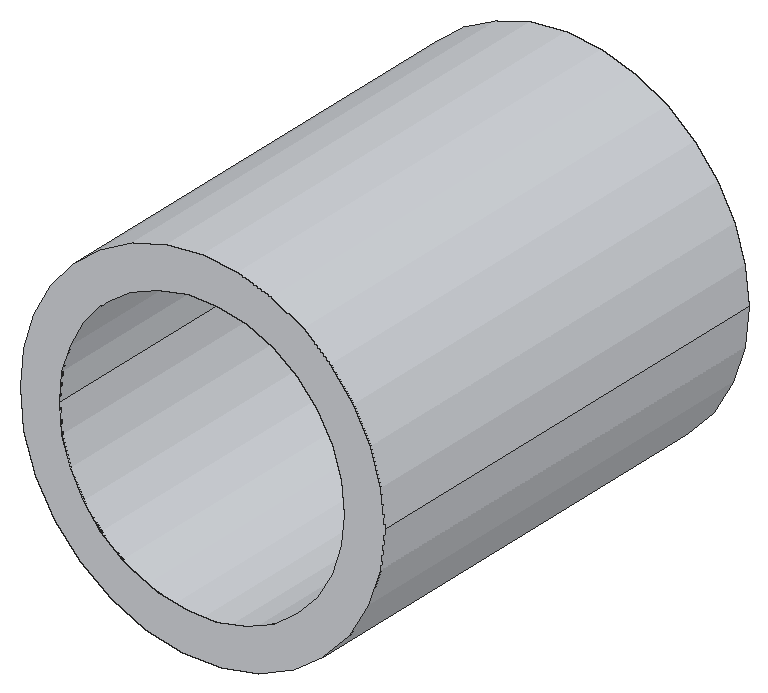
Revit family "NS1", category Generic Models, Revit 2017
Family settings
  Can host rebar = No
  Round Connector Dimension = Use Diameter
  Part Type = Normal
  Work Plane-Based = Yes
  Always vertical = No
  Cut with Voids When Loaded = No
  Shared = No
  Room Calculation Point = No
Parameters (values of type "NBS Standard Parameters")
  Weight = "0.016Kg"
  WarrantyStartDate [instance] = "1900-12-31T23:59:59"
  WarrantyGuarantorParts = "n/a"
  WarrantyGuarantorLabor = "n/a"
  WarrantyDurationUnit = "1 year"
  WarrantyDurationParts = "n/a"
  WarrantyDurationLabor = "n/a"
  WarrantyDescription = "n/a"
  Version = "1"
  Uniclass2 = "Pr_65_70_11_20"
  TagNumber [instance] = "n/a"
  SustainabilityPerformance = "n/a"
  Size = "20mm"
  Shape = "Circular"
  SerialNumber [instance] = "n/a"
  Revision = "n/a"
  ReplacementCost = "n/a"
  ProductInformation = "www.metpro.co.uk/pdf/ns1.pdf"
  NominalWidth = 20 mm
  NominalLength = 20 mm
  NominalHeight = 25 mm
  Name = ""
  NBSTypeID = ""
  NBSReference = "90-55-10/460"
  NBSOfficeMasterTag = ""
  NBSNote = ""
  NBSDescription = "Conduit Fittings"
  NBSCertification = ""
  ModelReference = "NS1"
  ModelNumber = "n/a"
  Material = "Steel"
  ManufacturerURL = "www.metpro.co.uk"
  ManufacturerName = "Metpro Ltd"
  Keynote = "Compliant to LU Standard 1-085"
  InstallationDate [instance] = "1900-12-31T23:59:59"
  IfcExportType = ""
  IfcExportAs = ""
  Grade = "n/a"
  Finish = "BZP"
  Features = "n/a"
  ExpectedLife = "n/a"
  DurationUnit = "year"
  Description = "NS1 -20mm Conduit screwed Nipple"
  Default Elevation = 1219.2 mm
  Constituents = "n/a"
  Color = "n/a"
  CodePerformance = "n/a"
  Category = "n/a"
  BarCode [instance] = "n/a"
  BIMObjectName = "Metpro_metprolibrary_conduitfittings_metalcomponent_steelaccessories"
  Author = "Metpro Ltd"
  AssetType = ""
  AssetIdentifier [instance] = "n/a"
  AccessibilityPerformance = "n/a"
Reference planes
  plane 1 "Center (Front/Back)": y = 0
  plane 2: z = 0
  plane 3 "Center (Left/Right)": x = 0
Forms (mm)
  Extrusion 1, solid
    sketch origin (155.469, 900.683, 735.213) x (-1, 0, 0) y (0, 0, -1)
      loop
        circle (-8215.814, 1266.546) r 7.85
      loop
        circle (-8215.814, 1266.546) r 10
    from 0 to 25
Dimensions and locks
  aligned and locked: level to plane 2
